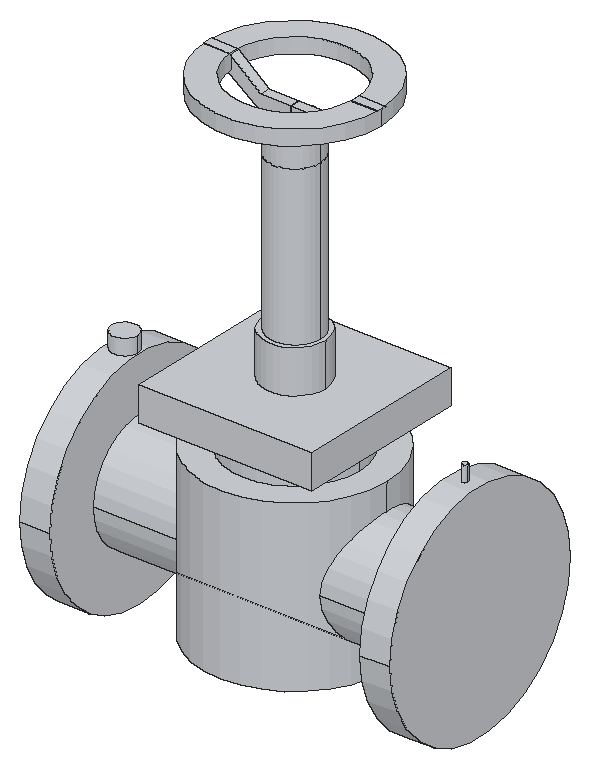
Revit family "Sigma_Compact_DN250-HF_PN16_RFA_2019", category Pipe Accessories, Revit 2019
Family settings
  Round Connector Dimension = Use Diameter
  Part Type = Valve - Breaks Into
  Work Plane-Based = No
  Always vertical = Yes
  Cut with Voids When Loaded = No
  Shared = No
Parameters (values of type "Sigma Compact DN 250 HF PN16")
  magiProductId = "baee3668eb0d4f168225ec1ed946f7"
  magiProductFamilyId = "01495da7eb234de3883c6bc9c8853e"
  magiPartTypeId = 304
  isMeasuringValve [instance] = no
  ang2D [instance] = 0.00°
  W2D = 50 mm
  VersionID = "2.0/2018.12.13.2/FRESE_SIGMA_C_BIG_Q13_001"
  Use Minimum Symbol Size [instance] = no
  URL = "www.hydronix.cz"
  Type Comments = "přírubový; PN16; max dp=800kPa; 0~+110°C; max uzavírací tlak 1MPa"
  R4 = 127.75 mm
  R3 = 115.44 mm
  R1 = 182.5 mm
  QmdConnectorList = "301;D;302;D"
  Productdata [instance] = ""
  Manufacturer = "Hydronix"
  Maintenance Zone Under Depth [instance] = 100 mm
  Maintenance Zone Right Depth [instance] = 100 mm
  Maintenance Zone Over Depth [instance] = 100 mm
  Maintenance Zone Left Depth [instance] = 100 mm
  Maintenance Zone Front Depth [instance] = 100 mm
  Maintenance Zone Back Depth [instance] = 100 mm
  Maintenance Zone Front Visibility [instance] = no
  MC Use Limits From Balancing Method = no
  MC Throttling Minimum Value = 0
  MC Throttling Maximum Value = 0
  MC Product Code = "53-2417 DN250; PN16; (245000-600000 l/h); kvs=717"
  MC Pressure Drop Minimum Value = 0.0 Pa
  MC Pressure Drop Maximum Value = 0.0 Pa
  MC Piping Given Pressure Drop [instance] = 0.0 Pa
  LF__ve = -LF  # -58.4 mm
  LF2 = 29.2 mm
  LF = 58.4 mm
  L432 = 60.042 mm
  L43 = 120.085 mm
  L42 = 171.55 mm
  L4 = 343.1 mm
  L3 = 613.2 mm
  L2D_Min = 30.48 mm
  L2D = 230 mm
  L2 = 365 mm
  HH12 = 29 mm
  HH1 = 58 mm
  HDF__ve = -HDF  # -462 mm
  HDF = 462 mm
  H6 = 85 mm
  H4 = 66.6 mm
  H3 = 55.5 mm
  H2 = 166.5 mm
  H11 = 333 mm
  H1 = 1044 mm
  H = 906 mm
  Description = "Automatický vyvažovací ventil"
  DF2 = 222 mm
  D = 250 mm
  Clearance Zone Height Depth [instance] = 100 mm
  Clearance Zone Circular Radius [instance] = 365 mm
  Clearance Zone Visibility [instance] = no
  CAT0 = yes
Types (9, lengths in mm): name | magiProductId | Type Comments | R4 | R3 | R1 | MC Product Code | LF__ve | LF2 | LF | L432 | L43 | L42 | L4 | L3 | L2 | HH12 | HH1 | HDF__ve | HDF | H4 | H3 | H2 | H11 | H1 | H | DF2 | D | Clearance Zone Circular Radius
  Sigma Compact DN 050 HF PN16 | "68e8ec0e285d475ea5c3f8787337ca" | "přírubový; PN16; max dp=800kPa; 0~+120°C; max uzavírací tlak 1MPa" | 40.25 | 42.9 | 57.5 | "53-2410 DN50; PN16; (3920-24000 l/h); kvs=34" | -18.4 | 9.2 | 18.4 | 18.917 | 37.835 | 54.05 | 108.1 | 193.2 | 115 | 16.5 | 33 | -202 | 202 | 24.75 | 20.625 | 61.875 | 123.75 | 480 | 367 | 82.5 | 50 | 115
  Sigma Compact DN 065 HF PN16 | "93d22af618bf47d6be13ef3bd41a97" | "přírubový; PN16; max dp=800kPa; 0~+120°C; max uzavírací tlak 1MPa" | 50.75 | 48.1 | 72.5 | "53-2411 DN65; PN16; (5950-35000 l/h); kvs=47" | -23.2 | 11.6 | 23.2 | 23.853 | 47.705 | 68.15 | 136.3 | 243.6 | 145 | 16.5 | 33 | -199 | 199 | 27.75 | 23.125 | 69.375 | 138.75 | 497 | 384 | 92.5 | 65 | 145
  Sigma Compact DN 080 HF PN16 | "30d16928369c437789493110503824" | "přírubový; PN16; max dp=800kPa; 0~+120°C; max uzavírací tlak 1MPa" | 54.25 | 52 | 77.5 | "53-2412 DN80; PN16; (7020-43000 l/h); kvs=61" | -24.8 | 12.4 | 24.8 | 25.497 | 50.995 | 72.85 | 145.7 | 260.4 | 155 | 16.5 | 33 | -213 | 213 | 30 | 25 | 75 | 150 | 526 | 413 | 100 | 80 | 155
  Sigma Compact DN 100 HF PN16 | "cbc2fc0a341c4a2b87b0bcbf79c376" | "přírubový; PN16; max dp=800kPa; 0~+120°C; max uzavírací tlak 1MPa" | 61.25 | 61.1 | 87.5 | "53-2413 DN100; PN16; (14800-90000 l/h); kvs=104" | -28 | 14 | 28 | 28.788 | 57.575 | 82.25 | 164.5 | 294 | 175 | 34 | 68 | -331 | 331 | 35.25 | 29.375 | 88.125 | 176.25 | 714 | 566 | 117.5 | 100 | 175
  Sigma Compact DN 125 HF PN16 | "02452206f7594718b3d97e4e693144" | "přírubový; PN16; max dp=800kPa; 0~+120°C; max uzavírací tlak 1MPa" | 70 | 70.2 | 100 | "53-2414 DN125; PN16; (23000-135000 l/h); kvs=185" | -32 | 16 | 32 | 32.9 | 65.8 | 94 | 188 | 336 | 200 | 36.5 | 73 | -338 | 338 | 40.5 | 33.75 | 101.25 | 202.5 | 761 | 608 | 135 | 125 | 200
  Sigma Compact DN 150 HF PN16 | "2e5d0064e2dd45fa818d7fb779c9a5" | "přírubový; PN16; max dp=800kPa; 0~+110°C; max uzavírací tlak 1MPa" | 84 | 74.1 | 120 | "53-2415 DN150; PN16; (32000-195000 l/h); kvs=242" | -38.4 | 19.2 | 38.4 | 39.48 | 78.96 | 112.8 | 225.6 | 403.2 | 240 | 13 | 26 | -391 | 391 | 42.75 | 35.625 | 106.875 | 213.75 | 782 | 676 | 142.5 | 150 | 240
  Sigma Compact DN 200 HF PN16 | "9690c155034b41f3a54554dedb5edf" | "přírubový; PN16; max dp=800kPa; 0~+110°C; max uzavírací tlak 1MPa" | 105 | 98.8 | 150 | "53-2416 DN200; PN16; (130000-280000 l/h); kvs=317" | -48 | 24 | 48 | 49.35 | 98.7 | 141 | 282 | 504 | 300 | 29.5 | 59 | -334 | 334 | 57 | 47.5 | 142.5 | 285 | 853 | 714 | 190 | 200 | 300
  Sigma Compact DN 250 HF PN16 | "baee3668eb0d4f168225ec1ed946f7" | "přírubový; PN16; max dp=800kPa; 0~+110°C; max uzavírací tlak 1MPa" | 127.75 | 115.44 | 182.5 | "53-2417 DN250; PN16; (245000-600000 l/h); kvs=717" | -58.4 | 29.2 | 58.4 | 60.042 | 120.085 | 171.55 | 343.1 | 613.2 | 365 | 29 | 58 | -462 | 462 | 66.6 | 55.5 | 166.5 | 333 | 1044 | 906 | 222 | 250 | 365
  Sigma Compact DN 300 HF PN16 | "f903017b03a74a7ebca8b59c0516bf" | "přírubový; PN16; max dp=800kPa; 0~+110°C; max uzavírací tlak 1MPa" | 148.75 | 135.2 | 212.5 | "53-2418 DN300; PN16; (245000-600000 l/h); kvs=717" | -68 | 34 | 68 | 69.912 | 139.825 | 199.75 | 399.5 | 714 | 425 | 29 | 58 | -424 | 424 | 78 | 65 | 195 | 390 | 1082 | 944 | 260 | 300 | 425
Reference planes
  plane 1 "Center (Front/Back)": y = 0
  plane 2 "XYPLANE": z = 0
  plane 3 "Center (Left/Right)": x = 0
  plane 4 "298": y = -322
  plane 5 "297": y = 322
  plane 6 "296": y = -222
  plane 7 "295": y = 222
  plane 8 "294": z = -322
  plane 9 "293": z = 922
  plane 10 "292": x = -465
  plane 11 "291": x = 465
  plane 12 "290": z = 922
  plane 13 "256": y = -20
  plane 14 "254": z = 703
  plane 15 "253": z = 713
  plane 16 "252": x = -40
  plane 17 "251": x = -30
  plane 18 "250": x = 40
  plane 19 "249": x = 30
  plane 20 "247": z = 373.6
  plane 21 "244": z = 684
  plane 22 "243": x = 171.55
  plane 23 "242": x = 120.085
  plane 24 "241": x = 60.042
  plane 25 "240": y = -10
  plane 26 "238": x = -60.042
  plane 27 "237": x = -120.085
  plane 28 "236": z = 742
  plane 29 "235": z = 772
  plane 30 "234": x = -171.55
  plane 31 "225": z = 822
  plane 32 "224": z = -222
  plane 33 "157": x = 335.8
  plane 34 "156": x = -335.8
  plane 35 "155": z = 222
  plane 36 "154": z = 288.6
  plane 37 "153": z = 222
  plane 38 "152": z = 166.5
  plane 39 "151": x = -306.6
  plane 40 "150": z = -166.5
  plane 41 "149": x = 0
  plane 42 "148": y = 0
  plane 43 "147": z = 0
  plane 44 "146": x = -365
  plane 45 "145": x = 365
Forms (mm)
  Blend 1, solid, visible <- "Maintenance Zone Front Visibility"
    base sketch origin (-750, 0, 922) x (1, 0, 0) y (0, 1, 0)
      loop
        line (285, 322) -> (285, -322) -> (1215, -322) -> (1215, 322) -> (285, 322)
    top sketch origin (-750, 0, 922) x (1, 0, 0) y (0, 1, 0)
      loop
        line (285, 322) -> (285, -322) -> (1215, -322) -> (1215, 322) -> (285, 322)
    from 0 to -1244
  Blend 2, solid, visible <- "Clearance Zone Visibility"
    base sketch origin (-750, 0, 0) x (1, 0, 0) y (0, 1, 0)
      loop
        circle (750, 0) r 365
    top sketch origin (-750, 0, 0) x (1, 0, 0) y (0, 1, 0)
      loop
        circle (750, 0) r 365
    from 0 to 922
  Extrusion 3, solid
    sketch origin (-750, 0, 684) x (1, 0, 0) y (0, 1, 0)
      loop
        circle (750, 0) r 51.125
    from 0 to -462 <- "HDF__ve"
  Extrusion 4, solid
    sketch origin (-750, 0, 373.6) x (1, 0, 0) y (0, 1, 0)
      loop
        line (780, 20) -> (720, 20) -> (720, -20) -> (780, -20) -> (780, 20)
    from 0 to 25
  Extrusion 5, solid
    sketch origin (750, -20, 0) x (-1, 0, 0) y (0, 0, 1)
      loop
        line (790, 373.6) -> (790, 713) -> (710, 713) -> (710, 373.6) -> (720, 373.6) -> (720, 703) -> (780, 703) -> (780, 373.6) -> (790, 373.6)
    from 0 to 40
  Extrusion 6, solid
    sketch origin (-750, 0, 373.6) x (1, 0, 0) y (0, 1, 0)
      loop
        circle (750, 0) r 25
    from 0 to 30
  Extrusion 7, solid
    sketch origin (750, -10, 0) x (-1, 0, 0) y (0, 0, 1)
      loop
        line (870.085, 822) -> (810.042, 772) -> (750, 772) -> (750, 742) -> (810.042, 742) -> (921.55, 822) -> (870.085, 822)
    from 0 to 20
  Extrusion 8, solid
    sketch origin (750, -10, 0) x (-1, 0, 0) y (0, 0, 1)
      loop
        line (629.915, 822) -> (578.45, 822) -> (689.958, 742) -> (750, 742) -> (750, 772) -> (689.958, 772) -> (629.915, 822)
    from 0 to 20
  Extrusion 9, solid
    sketch origin (-750, 0, 684) x (1, 0, 0) y (0, 1, 0)
      loop
        circle (750, 0) r 51.125
    from 0 to 58 <- "HH1"
  Extrusion 10, solid
    sketch origin (-750, 0, 822) x (1, 0, 0) y (0, 1, 0)
      loop
        circle (750, 0) r 171.55
      loop
        circle (750, 0) r 120.085
    from 0 to -30
  Extrusion 11, solid, visible <- "CAT0"
    sketch origin (-750, 0, 222) x (1, 0, 0) y (0, 1, 0)
      loop
        circle (1085.8, 0) r 5.5
    from 0 to 30
  Extrusion 12, solid, visible <- "CAT0"
    sketch origin (-750, 0, 222) x (1, 0, 0) y (0, 1, 0)
      loop
        circle (414.2, 0) r 25.5
    from 0 to 30
  Extrusion 13, solid, visible <- "CAT0"
    sketch origin (-750, 0, 288.6) x (1, 0, 0) y (0, 1, 0)
      loop
        circle (750, 0) r 61.125
    from 0 to 85 <- "H6"
  Extrusion 14, solid, visible <- "CAT0"
    sketch origin (-750, 0, 222) x (1, 0, 0) y (0, 1, 0)
      loop
        line (921.55, 171.55) -> (578.45, 171.55) -> (578.45, -171.55) -> (921.55, -171.55) -> (921.55, 171.55)
    from 0 to 66.6 <- "H4"
  Extrusion 15, solid, visible <- "CAT0"
    sketch origin (-750, 0, 166.5) x (1, 0, 0) y (0, 1, 0)
      loop
        circle (750, 0) r 127.75
    from 0 to 55.5 <- "H3"
  Extrusion 16, solid, visible <- "CAT0"
    sketch origin (-306.6, -750, 0) x (0, 1, 0) y (0, 0, 1)
      loop
        circle (750, 0) r 115.44
    from 0 to 613.2 <- "L3"
  Extrusion 17, solid, visible <- "CAT0"
    sketch origin (-750, 0, -166.5) x (1, 0, 0) y (0, 1, 0)
      loop
        circle (750, 0) r 182.5
    from 0 to 333 <- "H11"
  Extrusion 18, solid, visible <- "CAT0"
    sketch origin (-365, -750, 0) x (0, 1, 0) y (0, 0, 1)
      loop
        circle (750, 0) r 222
    from 0 to 58.4 <- "LF"
  Extrusion 19, solid, visible <- "CAT0"
    sketch origin (365, -750, 0) x (0, 1, 0) y (0, 0, 1)
      loop
        circle (750, 0) r 222
    from 0 to -58.4 <- "LF__ve"
  Extrusion 20, solid, not visible
    sketch origin (-365, -750, 0) x (0, 1, 0) y (0, 0, 1)
      loop
        circle (750, 0) r 10
    from 0 to 10
  Extrusion 21, solid, not visible
    sketch origin (365, -750, 0) x (0, 1, 0) y (0, 0, 1)
      loop
        circle (750, 0) r 10
    from 0 to -10
Lines and regions (mm)
  reference lines, not visible
    curve 1: circle (2, 2, 0) r 1 normal (0, 0, 1)
  reference lines
    curve 2: circle (0, 0, 222) r 1 normal (0, 0, 1)
Dimensions and locks
  plane 1 "Center (Front/Back)" to curve 1 = 2 mm
  "Maintenance Zone Front Depth": plane 6 "296" to plane 4 "298"
  "Maintenance Zone Back Depth": plane 7 "295" to plane 5 "297"
  "DF2": plane 42 "148" to plane 6 "296"
  "DF2": plane 42 "148" to plane 7 "295"
  "Maintenance Zone Under Depth": plane 32 "224" to plane 8 "294"
  "Maintenance Zone Over Depth": plane 31 "225" to plane 9 "293"
  "Maintenance Zone Left Depth": plane 44 "146" to plane 10 "292"
  "Maintenance Zone Right Depth": plane 45 "145" to plane 11 "291"
  "Clearance Zone Height Depth": plane 31 "225" to plane 12 "290"
  locked: plane 25 "240" to plane 13 "256" at 10
  locked: plane 15 "253" to plane 14 "254" at 10
  "HH12": plane 21 "244" to plane 15 "253"
  locked: plane 17 "251" to plane 16 "252" at 10
  locked: plane 41 "149" to plane 17 "251" at 30
  locked: plane 19 "249" to plane 18 "250" at 10
  locked: plane 41 "149" to plane 19 "249" at 30
  "H6": plane 36 "154" to plane 20 "247"
  "H": plane 32 "224" to plane 21 "244"
  "L42": plane 41 "149" to plane 22 "243"
  "L43": plane 41 "149" to plane 23 "242"
  "L432": plane 41 "149" to plane 24 "241"
  locked: plane 42 "148" to plane 25 "240" at 10
  "L432": plane 41 "149" to plane 26 "238"
  "L43": plane 41 "149" to plane 27 "237"
  locked: plane 29 "235" to plane 28 "236" at 30
  locked: plane 31 "225" to plane 29 "235" at 50
  "L42": plane 41 "149" to plane 30 "234"
  "H1": plane 32 "224" to plane 31 "225"
  "DF2": plane 2 "XYPLANE" to plane 32 "224"
  "LF2": plane 45 "145" to plane 33 "157"
  "LF2": plane 44 "146" to plane 34 "156"
  "DF2": plane 2 "XYPLANE" to plane 35 "155"
  "H4": plane 37 "153" to plane 36 "154"
  "H3": plane 38 "152" to plane 37 "153"
  "H11": plane 40 "150" to plane 38 "152"
  "LF": plane 44 "146" to plane 39 "151"
  "H2": plane 2 "XYPLANE" to plane 40 "150"
  locked: plane 3 "Center (Left/Right)" to plane 41 "149"
  locked: plane 1 "Center (Front/Back)" to plane 42 "148"
  locked: plane 2 "XYPLANE" to plane 43 "147"
  "L2": plane 3 "Center (Left/Right)" to plane 44 "146"
  "L2": plane 3 "Center (Left/Right)" to plane 45 "145"
  Blend 1 sketch curve to Blend 1 sketch curve = 0 mm  (x16)
  Extrusion 4 sketch curve to Extrusion 4 sketch curve = 0 mm  (x8)
  Extrusion 5 sketch curve to Extrusion 5 sketch curve = 0 mm  (x16)
  Extrusion 7 sketch curve to Extrusion 7 sketch curve = 0 mm  (x12)
  Extrusion 8 sketch curve to Extrusion 8 sketch curve = 0 mm  (x12)
  equal spacing: Extrusion 14 sketch curve, curve 2, Extrusion 14 sketch curve  (x2)
  "L4": Extrusion 14 sketch curve to Extrusion 14 sketch curve  (x2)
  Extrusion 14 sketch curve to Extrusion 14 sketch curve = 0 mm  (x8)
  "Clearance Zone Circular Radius": radius of Blend 2 sketch curve  (x2)
  "L42": radius of Extrusion 10 sketch curve
  "L43": radius of Extrusion 10 sketch curve
  "R4": radius of Extrusion 15 sketch curve
  "R3": radius of Extrusion 16 sketch curve
  "R1": radius of Extrusion 17 sketch curve
  "DF2": radius of Extrusion 18 sketch curve
  "DF2": radius of Extrusion 19 sketch curve
  aligned and locked: level to plane 2 "XYPLANE"
  aligned and locked: Blend 1 sketch curve to plane 5 "297"  (x2)
  aligned and locked: plane 10 "292" to Blend 1 sketch curve  (x4)
  aligned and locked: plane 11 "291" to Blend 1 sketch curve  (x4)
  aligned and locked: plane 5 "297" to Blend 1 sketch curve  (x2)
  aligned and locked: plane 4 "298" to Blend 1 sketch curve  (x4)
  aligned and locked: Blend 1 to plane 8 "294"
  aligned and locked: plane 41 "149" to Blend 2 sketch curve  (x2)
  aligned and locked: plane 42 "148" to Blend 2 sketch curve  (x2)
  aligned and locked: plane 12 "290" to Blend 2
  aligned and locked: plane 41 "149" to Extrusion 3 sketch curve
  aligned and locked: plane 42 "148" to Extrusion 3 sketch curve
  aligned and locked: Extrusion 5 sketch curve to plane 16 "252"
  aligned and locked: plane 20 "247" to Extrusion 5 sketch curve  (x4)
  aligned and locked: plane 15 "253" to Extrusion 5 sketch curve  (x2)
  aligned and locked: plane 16 "252" to Extrusion 5 sketch curve
  aligned and locked: plane 18 "250" to Extrusion 5 sketch curve  (x2)
  aligned and locked: plane 19 "249" to Extrusion 5 sketch curve  (x2)
  aligned and locked: plane 14 "254" to Extrusion 5 sketch curve  (x2)
  aligned and locked: plane 17 "251" to Extrusion 5 sketch curve  (x2)
  aligned and locked: plane 41 "149" to Extrusion 6 sketch curve
  aligned and locked: plane 42 "148" to Extrusion 6 sketch curve
  aligned and locked: plane 27 "237" to Extrusion 7 sketch curve
  aligned and locked: plane 31 "225" to Extrusion 7 sketch curve  (x2)
  aligned and locked: plane 26 "238" to Extrusion 7 sketch curve  (x2)
  aligned and locked: plane 29 "235" to Extrusion 7 sketch curve  (x2)
  aligned and locked: plane 41 "149" to Extrusion 7 sketch curve  (x2)
  aligned and locked: plane 28 "236" to Extrusion 7 sketch curve  (x2)
  aligned and locked: plane 30 "234" to Extrusion 7 sketch curve
  aligned and locked: plane 23 "242" to Extrusion 8 sketch curve
  aligned and locked: plane 31 "225" to Extrusion 8 sketch curve  (x2)
  aligned and locked: plane 24 "241" to Extrusion 8 sketch curve  (x2)
  aligned and locked: plane 29 "235" to Extrusion 8 sketch curve  (x2)
  aligned and locked: plane 41 "149" to Extrusion 8 sketch curve  (x2)
  aligned and locked: plane 28 "236" to Extrusion 8 sketch curve  (x2)
  aligned and locked: plane 22 "243" to Extrusion 8 sketch curve
  aligned and locked: plane 41 "149" to Extrusion 9 sketch curve
  aligned and locked: plane 42 "148" to Extrusion 9 sketch curve
  aligned and locked: plane 41 "149" to Extrusion 10 sketch curve  (x2)
  aligned and locked: plane 42 "148" to Extrusion 10 sketch curve  (x2)
  aligned and locked: plane 33 "157" to Extrusion 11 sketch curve
  aligned and locked: plane 42 "148" to Extrusion 11 sketch curve
  aligned and locked: plane 34 "156" to Extrusion 12 sketch curve
  aligned and locked: plane 42 "148" to Extrusion 12 sketch curve
  aligned and locked: plane 41 "149" to Extrusion 13 sketch curve
  aligned and locked: plane 42 "148" to Extrusion 13 sketch curve
  aligned and locked: plane 41 "149" to curve 2
  aligned and locked: plane 42 "148" to curve 2
  aligned and locked: plane 41 "149" to Extrusion 15 sketch curve
  aligned and locked: plane 42 "148" to Extrusion 15 sketch curve
  aligned and locked: Extrusion 16 sketch curve to plane 42 "148"
  aligned and locked: plane 43 "147" to Extrusion 16 sketch curve
  aligned and locked: plane 41 "149" to Extrusion 17 sketch curve
  aligned and locked: plane 42 "148" to Extrusion 17 sketch curve
  aligned and locked: Extrusion 18 sketch curve to plane 42 "148"
  aligned and locked: plane 43 "147" to Extrusion 18 sketch curve
  aligned and locked: Extrusion 19 sketch curve to plane 42 "148"
  aligned and locked: plane 43 "147" to Extrusion 19 sketch curve
  aligned and locked: Extrusion 20 sketch curve to plane 42 "148"
  aligned and locked: plane 43 "147" to Extrusion 20 sketch curve
  aligned and locked: Extrusion 21 sketch curve to plane 42 "148"
  aligned and locked: plane 43 "147" to Extrusion 21 sketch curve
Automatic sketch dimensions
  plane 26 "238" to Extrusion 3 sketch curve = 8.917 mm
  Extrusion 4 sketch curve to plane 17 "251" = 0 mm
  Extrusion 4 sketch curve to plane 13 "256" = 0 mm
  Extrusion 4 sketch curve to plane 19 "249" = 0 mm
  Extrusion 4 sketch curve to plane 1 "Center (Front/Back)" = 20 mm
  plane 17 "251" to Extrusion 6 sketch curve = 5 mm
  plane 26 "238" to Extrusion 9 sketch curve = 8.917 mm
  Extrusion 11 sketch curve to plane 33 "157" = 5.5 mm
  plane 44 "146" to Extrusion 12 sketch curve = 3.7 mm
  Extrusion 13 sketch curve to plane 26 "238" = 1.083 mm
  Extrusion 20 sketch curve to plane 25 "240" = 0 mm
  Extrusion 21 sketch curve to plane 25 "240" = 0 mm
  plane 3 "Center (Left/Right)" to curve 1 = 2 mm
  Extrusion 14 sketch curve to plane 30 "234" = 0 mm
  plane 6 "296" to Extrusion 14 sketch curve = 50.45 mm
  radius of curve 2 = 1 mm
  radius of curve 1 = 1 mm
Connectors
  piping at (-365, 0, 0), diameter 250, driven by "D"
    settings: on Extrusion 20, index 1, connector inside diameter 609.6 mm, connector length 0 mm, flow factor 0, pipe flow 0.0 L/s, pressure drop 0.0 Pa, fitting loss kfactor 0, connector angle 0.00°, fixture units 0, engagement length 0 mm, angle of deflection 0.00°, flow configuration 0, flow direction 0, fitting loss method 0, system type 29, joint type 0, gender type 0, connector reference index 2, connector utility 0, adjustable connector no, is connector primary yes, connector description ""
  piping at (365, 0, 0), diameter 250, driven by "D"
    settings: on Extrusion 21, index 2, connector inside diameter 609.6 mm, connector length 0 mm, flow factor 0, pipe flow 0.0 L/s, pressure drop 0.0 Pa, fitting loss kfactor 0, connector angle 0.00°, fixture units 0, engagement length 0 mm, angle of deflection 0.00°, flow configuration 0, flow direction 0, fitting loss method 0, system type 29, joint type 0, gender type 0, connector reference index 1, connector utility 0, adjustable connector no, is connector primary no, connector description ""
